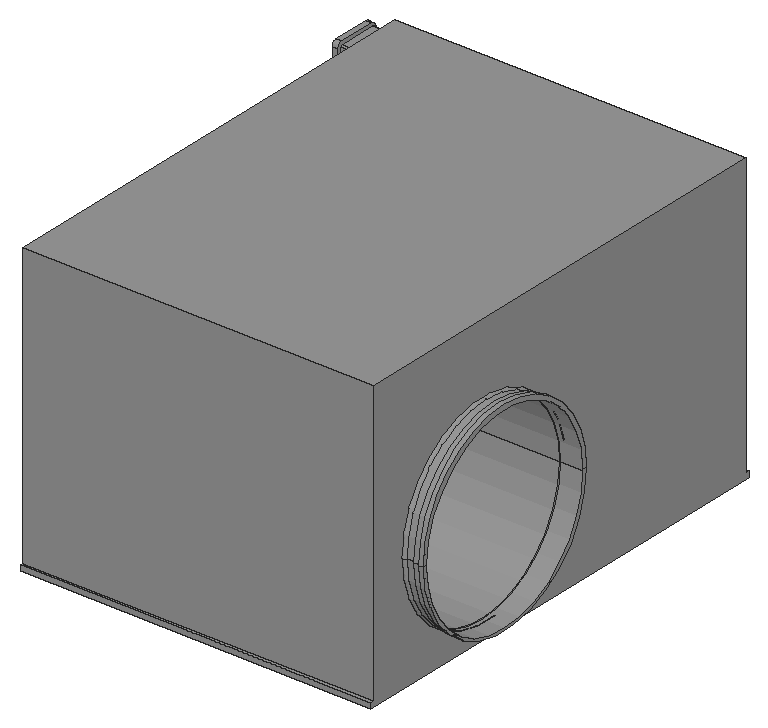
Revit family "IRB 355 E3 EC_7890037", category Mechanical Equipment, Revit 2014
Parameters (values of type "IRE 355 E3 EC")
  Wiring diagram = "4040147"
  Width = 708 mm
  Weight = 48.00 kg
  Voltage range = "380-480 V"
  Voltage = 400 V
  Speed = "2500 rpm"
  Sound pressure level at 3 m = "65dB(A)"
  Power = 1120 W
  Phase = 3
  Max. temperature of transported air when speed controlled = 60 °C
  Max. temperature of transported air = 60 °C
  Main Material = Steel, Galvanized
  Height = 840 mm
  Frequency = 50 Hz
  Elevation [instance] = 2600 mm
  Diameter = 355 mm
  Description = "Insulated duct fans with circular connections"
  Depth = 513 mm
  Current = 1.74 A
  Capacitor = "- µF"
Reference planes
  plane 1 "Center (Front/Back)": y = 0
  plane 2: z = 0
  plane 3 "Center (Left/Right)": x = 0
  plane 4: z = 2600
Dimensions and locks
  "Elevation": plane 4 to plane 2
  aligned and locked: level to plane 2
  aligned and locked: plane 3 "Center (Left/Right)" to nested 1
  aligned and locked: plane 1 "Center (Front/Back)" to nested 1
  aligned and locked: nested 1 to nested 2  (x2)
  aligned and locked: nested 1 to plane 4
Nested families
  nested 1: "IRB" at (0, 0, 2600), type "IRB"
    with Height 840 mm
  nested 2: "Flow direction symbol" at (0, 0, 0), type "Flow direction symbol"
Connectors
  electrical at (-354, 368.5, 3061.5), driven by "Phase", driven by "Voltage", driven by "Power"
    settings: on nested 1, index 1, voltage 400 V, apparent load 0 VA, apparent load phase1 1120 VA, apparent load phase2 0 VA, apparent load phase3 0 VA, power factor 1, load classification "Other", number of poles 3, system type 31, power factor state 1, is connector primary yes, connector utility no, sub classification motor no, connector description ""
  hvac at (-354, -174.65, 2811.368), driven by "Diameter"
    settings: on nested 1, index 2, duct flow 0.0 L/s, flow factor 0, pres drop 0.0 Pa, loss coef 0, conn angle 0.00°, conn width 304.8 mm, conn height 304.8 mm, conn diameter 355 mm, duct sys type 1, conn prof type 0, flow config 0, flow direction 1, loss method 0, conn ref index -1, conn util no, is conn primary yes, conn desc ""
  hvac at (354, -174.487, 2812), driven by "Diameter"
    settings: on nested 1, index 3, duct flow 0.0 L/s, flow factor 0, pres drop 0.0 Pa, loss coef 0, conn angle 0.00°, conn width 304.8 mm, conn height 304.8 mm, conn diameter 355 mm, duct sys type 3, conn prof type 0, flow config 0, flow direction 2, loss method 0, conn ref index -1, conn util no, is conn primary no, conn desc ""
Definition of nested family "IRB"
  Parameters (values of type "IRB")
    Width = 708 mm
    Main Material = Steel, Galvanized
    Height = 849 mm
    Description = ""
    Depth = 513 mm
  Reference planes
    plane 1 "Center (Front/Back)": y = 0
    plane 2: z = 0
    plane 3 "Center (Left/Right)": x = 0
    plane 4: z = 513
    plane 5 "Horizontal Pipe Axis": z = 262
    plane 6: z = 10
    plane 7: z = 503
    plane 8: x = -312.5
    plane 9: x = 312.5
    plane 10: x = -354
    plane 11: x = 354
    plane 12: y = 424.5
    plane 13: y = -424.5
    plane 14: y = 414.5
    plane 15: x = -344
  Forms (mm)
    Extrusion 1, solid, material "Steel, Galvanized" <- "Main Material", detail levels medium+fine
      sketch origin (0, 0, 0) x (0, 1, 0) y (0, 0, 1)
        loop
          line (-424.5, 0) -> (424.5, 0) -> (424.5, 10) -> (419.5, 10) -> (419.5, 11) -> (419.5, 513) -> (-419.5, 513) -> (-419.5, 10) -> (-424.5, 10) -> (-424.5, 0)
      from -312.5 to 312.5
    Extrusion 2, void
      sketch origin (0, 34.5, -10.499) x (0, 1, 0) y (0, 0, 1)
        loop
          circle (-208.975, 220.604) r 175
      from -809.837 to 500.936
    Extrusion 3, solid, material "Steel, Galvanized" <- "Main Material", detail levels coarse
      sketch origin (0, 35, -5) x (0, 1, 0) y (0, 0, -1)
        loop
          circle (-208.916, -215.66) r 176
      from 312.5 to 354
    Revolve 4, solid, material "Steel, Galvanized" <- "Main Material", detail levels medium+fine
      sketch origin (0, 34.5, 212) x (-1, 0, 0) y (0, -1, 0)
        loop
          line (354, 28) -> (354, 209.5) -> (312.5, 209.5) -> (312.5, 32)
          arc (312.5, 32) -> (316.75, 30) -> (321, 32) r 5.516
          line (321, 32) -> (336, 32) -> (336, 30) -> (346, 30) -> (346, 28) -> (354, 28)
        axis (312.5, 209.5) -> (354, 209.5)
      angle from 0 to 360
    Extrusion 5, solid, material "Steel, Galvanized" <- "Main Material", detail levels coarse
      sketch origin (0, 0, 0) x (0, 1, 0) y (0, 0, 1)
        loop
          line (424.5, 513) -> (-424.5, 513) -> (-424.5, 0) -> (424.5, 0) -> (424.5, 513)
      from -312.5 to 312.5
    Sweep 6, solid, material "Plastic, Opaque White", detail levels fine
      path origin (0, 0, 0) x (1, 0, 0) y (0, 1, 0)
        loop
          line (-344, 414.5) -> (-354, 414.5)
      profile origin (-349, 414.5, 0) x (0, -1, 0) y (0, 0, 1)
        loop
          arc (8.073, 503) -> (2.365, 500.635) -> (0, 494.927) r 8.073
          line (0, 494.927) -> (0, 428.073)
          arc (0, 428.073) -> (2.365, 422.365) -> (8.073, 420) r 8.073
          line (8.073, 420) -> (74.927, 420)
          arc (74.927, 420) -> (80.635, 422.365) -> (83, 428.073) r 8.073
          line (83, 428.073) -> (83, 494.927)
          arc (83, 494.927) -> (80.635, 500.635) -> (74.927, 503) r 8.073
          line (74.927, 503) -> (8.073, 503)
    Sweep 7, solid, material "Plastic, Opaque White", detail levels fine
      path origin (0, 0, 0) x (1, 0, 0) y (0, 1, 0)
        loop
          line (-344, 373) -> (-312.5, 373)
      profile origin (-328.25, 373, 0) x (0, 1, 0) y (0, 0, 1)
        loop
          line (33.427, 498) -> (-33.427, 498)
          arc (-33.427, 498) -> (-35.6, 497.1) -> (-36.5, 494.927) r 3.073
          line (-36.5, 494.927) -> (-36.5, 428.073)
          arc (-36.5, 428.073) -> (-35.6, 425.9) -> (-33.427, 425) r 3.073
          line (-33.427, 425) -> (33.427, 425)
          arc (33.427, 425) -> (35.6, 425.9) -> (36.5, 428.073) r 3.073
          line (36.5, 428.073) -> (36.5, 494.927)
          arc (36.5, 494.927) -> (35.6, 497.1) -> (33.427, 498) r 3.073
    Revolve 8, solid, material "Steel, Galvanized" <- "Main Material", detail levels medium+fine
      sketch origin (0, 0, 212) x (1, 0, 0) y (0, 1, 0)
        loop
          line (354, 6.5) -> (346, 6.5) -> (346, 4.5) -> (336, 4.5) -> (336, 2.5) -> (321, 2.5)
          arc (321, 2.5) -> (316.75, 4.5) -> (312.5, 2.5) r 5.516
          line (312.5, 2.5) -> (312.5, -174.5) -> (354, -174.5) -> (354, 6.5)
        axis (312.5, -174.5) -> (354, -174.5)
      angle from 0 to 360
    Extrusion 9, solid, material "Steel, Galvanized" <- "Main Material", detail levels coarse
      sketch origin (0, 35, 0) x (0, 1, 0) y (0, 0, 1)
        loop
          circle (-209.5, 262) r 176
      from 312.5 to 354
  Cuts and joins
    Extrusion 2 cuts Extrusion 1
    joined: Sweep 6, Sweep 7
    Extrusion 2 cuts Revolve 4
    Extrusion 2 cuts Revolve 8
  Dimensions and locks
    equal spacing: plane 10, plane 3 "Center (Left/Right)", plane 11
    "Width": plane 10 to plane 11
    "Depth": plane 4 to level
    locked: plane 12 to plane 14 at 10
    locked: plane 4 to plane 7 at 10
    locked: plane 10 to plane 15 at 10
    locked: plane 10 to plane 8 at 41.5
    locked: plane 9 to plane 11 at 41.5
    locked: Sweep 7 sketch curve to plane 7 at 5
    locked: plane 14 to Sweep 7 sketch curve at 5
    plane 4 to plane 5 "Horizontal Pipe Axis" = 251 mm
    equal spacing: plane 12, plane 1 "Center (Front/Back)", plane 13
    "Height": plane 12 to plane 13
    aligned and locked: level to plane 2
    aligned and locked: Extrusion 1 sketch curve to plane 13
    aligned and locked: plane 2 to Extrusion 1 sketch curve
    aligned and locked: Extrusion 1 sketch curve to plane 12
    aligned and locked: Extrusion 1 to plane 9
    aligned and locked: Extrusion 1 to plane 8
    aligned and locked: Extrusion 3 to plane 10
    aligned and locked: plane 8 to Extrusion 3
    aligned and locked: Extrusion 3 to plane 8
    aligned and locked: plane 4 to Extrusion 5 sketch curve
    aligned and locked: plane 12 to Extrusion 5 sketch curve
    aligned and locked: Extrusion 5 sketch curve to cut or joined group of Extrusion 1, Extrusion 2  (x2)
    aligned and locked: Extrusion 5 to plane 8
    aligned and locked: Extrusion 5 to plane 9
    aligned and locked: plane 10 to Sweep 6 sketch curve
    aligned and locked: plane 15 to Sweep 6 sketch curve
    aligned and locked: Sweep 6 sketch curve to plane 7
    aligned and locked: Sweep 6 sketch curve to plane 14
    aligned and locked: plane 8 to Sweep 7 sketch curve
    aligned and locked: plane 15 to Sweep 7 sketch curve
    aligned and locked: Revolve 4 sketch curve to plane 10
    aligned and locked: cut or joined group of Extrusion 2, Revolve 4 to plane 10
    aligned and locked: cut or joined group of Extrusion 2, Revolve 4 to plane 8
  Automatic sketch dimensions
    Extrusion 1 sketch curve to plane 4 = 0 mm
    Extrusion 1 sketch curve to plane 6 = 0 mm  (x2)
    Extrusion 1 sketch curve to plane 13 = 5 mm
    Extrusion 1 sketch curve to plane 12 = 5 mm
    Extrusion 1 sketch curve to Extrusion 1 sketch curve = 1 mm
    Extrusion 2 sketch curve to plane 5 "Horizontal Pipe Axis" = 51.895 mm
    plane 1 "Center (Front/Back)" to Extrusion 2 sketch curve = 174.475 mm
    Extrusion 3 sketch curve to plane 5 "Horizontal Pipe Axis" = 51.34 mm
    plane 1 "Center (Front/Back)" to Extrusion 3 sketch curve = 173.916 mm
    Revolve 4 sketch curve to plane 8 = 0 mm  (x2)
    plane 1 "Center (Front/Back)" to Revolve 4 sketch curve = 1.015 mm
    Revolve 4 sketch curve to plane 8 = 4.25 mm
    Revolve 4 sketch curve to plane 1 "Center (Front/Back)" = 2.5 mm
    Revolve 4 sketch curve to Revolve 4 sketch curve = 4.25 mm
    plane 15 to Revolve 4 sketch curve = 8 mm
    Revolve 4 sketch curve to plane 15 = 2 mm
    Revolve 4 sketch curve to plane 1 "Center (Front/Back)" = 4.5 mm
    Revolve 4 sketch curve to plane 1 "Center (Front/Back)" = 6.5 mm
    Revolve 4 sketch curve to Revolve 4 sketch curve = 173.985 mm
    Revolve 4 sketch curve to Revolve 4 sketch curve = 93.5 mm
    Revolve 4 sketch curve to Revolve 4 sketch curve = 0 mm
    Sweep 6 sketch curve to plane 14 = 0 mm
    Sweep 6 sketch curve to profile plane = 8.073 mm
    Sweep 6 sketch curve to Sweep 6 sketch curve = 8.073 mm  (x2)
    Sweep 6 sketch curve to Sweep 6 sketch curve = 66.854 mm  (x3)
    Sweep 7 sketch curve to plane 14 = 41.5 mm
    Sweep 7 sketch curve to Sweep 7 sketch curve = 3.073 mm  (x3)
    profile plane to Sweep 7 sketch curve = 33.427 mm  (x2)
    Sweep 7 sketch curve to Sweep 7 sketch curve = 66.854 mm
    Revolve 8 sketch curve to plane 9 = 0 mm  (x2)
    Revolve 8 sketch curve to plane 11 = 0 mm
    plane 1 "Center (Front/Back)" to Revolve 8 sketch curve = 1.015 mm
    Revolve 8 sketch curve to plane 9 = 4.25 mm
    Revolve 8 sketch curve to plane 1 "Center (Front/Back)" = 2.5 mm
    Revolve 8 sketch curve to Revolve 8 sketch curve = 4.25 mm
    Revolve 8 sketch curve to Revolve 8 sketch curve = 15 mm
    plane 11 to Revolve 8 sketch curve = 8 mm
    plane 1 "Center (Front/Back)" to Revolve 8 sketch curve = 174.5 mm
    Revolve 8 sketch curve to Revolve 8 sketch curve = 2 mm  (x2)
    Revolve 8 sketch curve to Revolve 8 sketch curve = 93.5 mm
    Revolve 8 sketch curve to Revolve 8 sketch curve = 0 mm
    Extrusion 9 sketch curve to plane 5 "Horizontal Pipe Axis" = 0 mm
    plane 1 "Center (Front/Back)" to Extrusion 9 sketch curve = 174.5 mm
    radius of Extrusion 2 sketch curve = 175 mm
    radius of Extrusion 3 sketch curve = 176 mm
    radius of Extrusion 9 sketch curve = 176 mm
Definition of nested family "Flow direction symbol"
  Parameters (values of type "Flow direction symbol")
    Warning = "!"
    Text = "DIMENSIONS OVERCONSTRAINT"
  Reference planes
    plane 1: y = 0
    plane 2: x = 0
  Lines and regions (mm)
    detail lines
      curve 1: line (-0.506, 0.877, 0) -> (-0.506, -0.877, 0)
      curve 2: line (1.012, 0, 0) -> (-0.506, -0.877, 0)
      curve 3: line (-0.506, 0.877, 0) -> (1.012, 0, 0)
      curve 4: circle (0, 0, 0) r 1 normal (0, 0, 1)
